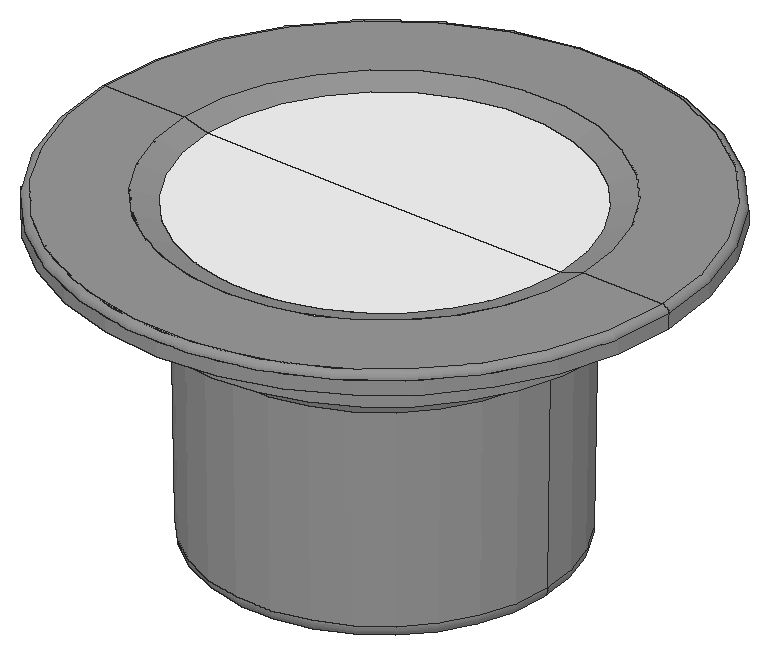
Revit family "0005380", category Lighting Fixtures, host Face, Revit 2016
Family settings
  Host = Face
  Part Type = Normal
  Round Connector Dimension = Use Diameter
  OmniClass Number = 23.80.70.00
  OmniClass Title = Lighting
  Cut with Voids When Loaded = No
  Light Source = Yes
  Shared = No
  Room Calculation Point = No
Parameters (values of type "0005380 START eco Spot 600lm 840 IP65 DIM WHT")
  Weight = "kg"
  Wattage Comments = ""
  Wattage = 7 W
  WarrantyStartDate [instance] = "n/a"
  WarrantyGuarantorParts = "n/a"
  WarrantyDurationUnit = "n/a"
  WarrantyDurationParts = "n/a"
  WarrantyDescription = "n/a"
  built-in parameter 1150110 = 1 (stored number, unit not read)
  Voltage = 230 V
  URL = "http://www.sylvania-lighting.com"
  TypeName = "Start eco Spot 600lm 840 IP65 DIM WHT"
  Type Image = <None>
  Type Comments = "n/a"
  built-in parameter 1114217 = 1 (stored number, unit not read)
  Tilt Angle = -90.00°
  built-in parameter 1150109 = 1 (stored number, unit not read)
  built-in parameter 1150134 = 12
  built-in parameter 1150113 = 1 (stored number, unit not read)
  SerialNumber [instance] = "n/a"
  Photometric Web File = "0005380.ies"
  Material_3_SYL = none
  PowerFactor = 0
  PowerConsumption = "7 W"
  NominalLength = 87 mm
  NominalHeight = 47 mm
  NominalDepth = 87 mm
  Name = "Start eco Spot 600lm 840 IP65 DIM WHT"
  ModelReference = Name  # "Start eco Spot 600lm 840 IP65 DIM WHT"
  ModelNumber = "0005380"
  Model = Name  # "Start eco Spot 600lm 840 IP65 DIM WHT"
  Material = "n/a"
  ManufacturerName = "Feilo Sylvania"
  Manufacturer = "Feilo Sylvania"
  LuminousEfficacy = "85.71 lm/W"
  built-in parameter 1150105 = 227.3 (stored number, unit not read)
  Lumens = 600 lm
  LuminaireType = ""
  built-in parameter 1150115 = 1 (stored number, unit not read)
  LightOutputRatio = "n/a"
  built-in parameter 1150137 = (empty or 0)
  built-in parameter 1150139 = (empty or 0)
  LampsType = Lamp  # "LED"
  LampNominalLuminous = "n/a"
  LampMacAdamStep = "n/a"
  LampColourTemperature = "4000 K"
  LampColourRenderingIndex = "n/a"
  built-in parameter 1150112 = 1 (stored number, unit not read)
  built-in parameter 1150114 = 1 (stored number, unit not read)
  Lamp = "LED"
  Keynote = "16500"
  InstallationDate [instance] = "n/a"
  InputVoltage = "220-240 V~"
  InputNominalFrequency = "50/60/Hz"
  built-in parameter 1150132 = (empty or 0)
  built-in parameter 1150102 = (empty or 0)
  built-in parameter 1150107 = 4000 (stored number, unit not read)
  built-in parameter 1150138 = (empty or 0)
  IngressProtection = "IP20/IP65"
  ImpactProtectionIndex = "IK03"
  built-in parameter 1150106 = 2.273 (stored number, unit not read)
  IfcExportType = "IfcLightFixtureType"
  IfcExportAs = "IfcLightFixtureType"
  Emit from Circle Diameter = 54 mm
  Emit Shape Visible in Rendering = no
  ElectricShockClassification = "Class II"
  built-in parameter 1150104 = 7.9631 (stored number, unit not read)
  DocumentationLiterature = "http://www.sylvania-lighting.com/product/en-int/products/0005380"
  DimmingControlOptions = "Dimmable"
  Material_2_SYL = Diffuser-Sylvania
  Dimming Lamp Color Temperature Shift = <None>
  Description = ""
  Default Elevation = 1219.2 mm
  CreatedOn = "3/7/2019"
  CreatedBy = "@sylvania-lighting.com"
  Cost = 0
  Color Filter = 16777215
  built-in parameter 1114216 [instance] = (empty or 0)
  ClassificationValue = "EF_70_80"
  ClassificationName = "Uniclass2015"
  Material_1_SYL = Plastic, Opaque White
  BarCode [instance] = "n/a"
  built-in parameter 1114218 = 1 (stored number, unit not read)
  built-in parameter 1150133 = 10 (stored number, unit not read)
  AssetType = "Fixed"
  AssetIdentifier [instance] = "n/a"
  Assembly Code = "D5020200"
  Apparent Load = 7 VA
  Material_4_SYL = none
Reference planes
  plane 1 "Center (Front/Back)": y = 0
  plane 2: z = 0
  plane 3 "Center (Left/Right)": x = 0
  plane 4: x = -35
  plane 5: z = -100
  plane 6: z = 3
  plane 7: x = -43.5
  plane 8: z = 2
  plane 9: x = -42.5
  plane 10: x = -30.5
  plane 11: x = -27
  plane 12: x = -33
  plane 13: z = -7.5
  plane 14: z = -9.5
  plane 15: x = -25.5
  plane 16: z = -12.5
  plane 17: z = -44
  plane 18: x = -25
Forms (mm)
  Revolve 1, void
    sketch origin (0, 0, 0) x (1, 0, 0) y (0, 0, 1)
      loop
        line (0, 0) -> (-35, 0) -> (-35, -100) -> (0, -100) -> (0, 0)
      axis (0, 0) -> (0, -100)
    angle from 360 to 0
  Revolve 2, solid, material "Plastic, Opaque White" <- "Material_1_SYL"
    sketch origin (0, 0, 0) x (1, 0, 0) y (0, 0, 1)
      loop
        line (0, 2) -> (-27, 2) -> (-30.5, 3) -> (-42.5, 3)
        arc (-42.5, 3) -> (-43.207, 2.707) -> (-43.5, 2) r 1
        line (-43.5, 2) -> (-43.5, 0) -> (-33, 0) -> (-33, -7.5) -> (-27, -7.5) -> (-27, -9.5) -> (-25.5, -12.5) -> (-25.031, -42.032)
        arc (-25.031, -42.032) -> (-24.434, -43.425) -> (-23.031, -44) r 2
        line (-23.031, -44) -> (0, -44) -> (0, 2)
      axis (0, 3) -> (0, -44)
    angle from 360 to 0
Lines and regions (mm)
  reference lines
    curve 1: line (-25, 0, -44) -> (-25.5, 0, -12.5)
Dimensions and locks
  locked: plane 3 "Center (Left/Right)" to plane 4 at 35
  locked: plane 2 to plane 5 at 100
  locked: plane 6 to plane 2 at 3
  locked: plane 3 "Center (Left/Right)" to plane 7 at 43.5
  locked: plane 6 to plane 8 at 1
  locked: plane 9 to plane 7 at 1
  locked: plane 3 "Center (Left/Right)" to plane 10 at 30.5
  locked: plane 3 "Center (Left/Right)" to plane 11 at 27
  locked: plane 3 "Center (Left/Right)" to plane 12 at 33
  locked: plane 2 to plane 13 at 7.5
  locked: plane 13 to plane 14 at 2
  locked: plane 3 "Center (Left/Right)" to plane 15 at 25.5
  locked: plane 14 to plane 16 at 3
  locked: plane 6 to plane 17 at 47
  locked: plane 3 "Center (Left/Right)" to plane 18 at 25
  aligned and locked: plane 2 to host face
  aligned and locked: level to host face
  aligned and locked: Revolve 1 sketch curve to plane 3 "Center (Left/Right)"
  aligned and locked: level to Revolve 1 sketch curve
  aligned and locked: plane 3 "Center (Left/Right)" to Revolve 1 sketch curve
  aligned and locked: Revolve 1 sketch curve to plane 4
  aligned and locked: plane 5 to Revolve 1 sketch curve
  aligned and locked: plane 3 "Center (Left/Right)" to Revolve 2 sketch curve  (x2)
  aligned and locked: Revolve 2 sketch curve to plane 8
  aligned and locked: plane 6 to Revolve 2 sketch curve
  aligned and locked: Revolve 2 sketch curve to plane 6
  aligned and locked: level to Revolve 2 sketch curve
  aligned and locked: Revolve 2 sketch curve to plane 7
  aligned and locked: plane 12 to Revolve 2 sketch curve
  aligned and locked: Revolve 2 sketch curve to level
  aligned and locked: Revolve 2 sketch curve to plane 12
  aligned and locked: plane 13 to Revolve 2 sketch curve
  aligned and locked: plane 9 to Revolve 2 sketch curve
  aligned and locked: plane 8 to Revolve 2 sketch curve
  aligned and locked: plane 14 to Revolve 2 sketch curve
  aligned and locked: Revolve 2 sketch curve to plane 11
  aligned and locked: plane 15 to Revolve 2 sketch curve
  aligned and locked: plane 17 to Revolve 2 sketch curve
  aligned and locked: plane 18 to curve 1
  aligned and locked: plane 17 to curve 1
  aligned and locked: plane 16 to curve 1
  aligned and locked: plane 15 to curve 1
  aligned and locked: Revolve 2 sketch curve to curve 1
  aligned and locked: plane 3 "Center (Left/Right)" to imposter light
  aligned and locked: imposter light to plane 8
  aligned and locked: imposter light to plane 1 "Center (Front/Back)"
Connectors
  electrical at (0, 0, 0), driven by "Apparent Load", driven by "PowerFactor", driven by "Voltage"
    settings: index 1, voltage 230 V, apparent load 7 VA, apparent load phase1 0 VA, apparent load phase2 0 VA, apparent load phase3 0 VA, power factor 0, load classification "Lighting", number of poles 1, system type 30, power factor state 1, is connector primary yes, connector utility no, sub classification motor no, connector description ""
